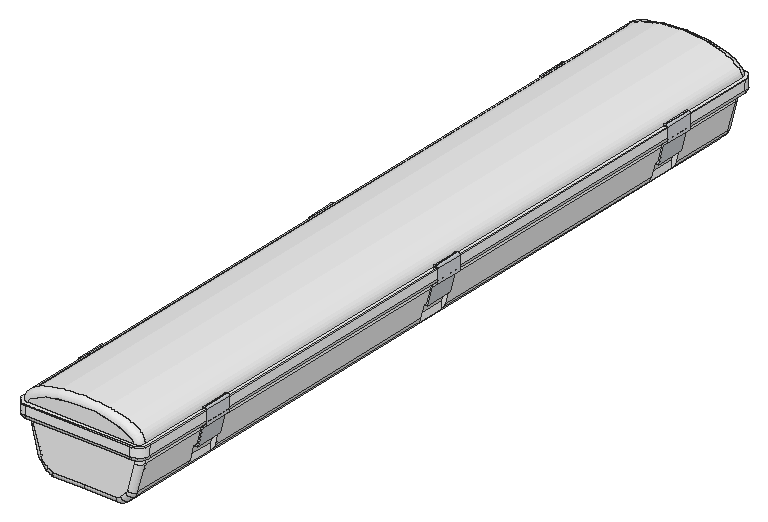
Revit family "0067941 Sylvania Lighting Fixture START Waterproof Twin 600 IP65 1400lm 840", category Lighting Fixtures, host Face, Revit 2016
Family settings
  Host = Face
  Part Type = Normal
  Round Connector Dimension = Use Diameter
  OmniClass Number = 23.80.70.11.14
  OmniClass Title = General Luminaries, Directional
  Cut with Voids When Loaded = No
  Light Source = Yes
  Shared = No
  Room Calculation Point = No
Parameters (values of type "0067941 ST WTRPRF T 600 IP65 1400LM 840")
  Width = 110 mm
  Weight = "1.12 kg"
  Wattage Comments = "n/a"
  Wattage = 12 W
  WarrantyStartDate [instance] = "n/a"
  WarrantyGuarantorParts = "n/a"
  WarrantyDurationUnit = "n/a"
  WarrantyDurationParts = "n/a"
  WarrantyDescription = "n/a"
  built-in parameter 1150110 = 1 (stored number, unit not read)
  Voltage = 0 V
  URL = "http://www.sylvania-lighting.com"
  TypeName = "START Waterproof Twin 600 IP65 1400lm 840"
  Type Image = <None>
  Type Comments = "n/a"
  built-in parameter 1114217 = 1 (stored number, unit not read)
  Tilt Angle = -90.00°
  built-in parameter 1150109 = 1 (stored number, unit not read)
  built-in parameter 1150134 = 12
  built-in parameter 1150113 = 1 (stored number, unit not read)
  SerialNumber [instance] = "n/a"
  ReflectorMaterial = none
  PowerFactor = 0
  PowerConsumption = "12 W"
  Photometric Web File = "0067941.ies"
  NominalWidth = 0 mm
  NominalLength = 665 mm
  NominalHeight = 78 mm
  Name = "START Waterproof Twin 600 IP65 1400lm 840"
  ModelReference = "START Waterproof Twin 600 IP65 1400lm 840"
  ModelNumber = "0067941"
  Model = "START Waterproof Twin 600 IP65 1400lm 840"
  Material = "polycarbonate housing, polycarbonate diffuser"
  ManufacturerName = "Feilo Sylvania"
  Manufacturer = "Feilo Sylvania"
  LuminousEfficacy = "115 lm/W"
  built-in parameter 1150105 = 109.82 (stored number, unit not read)
  Lumens = 1380 lm
  LuminaireType = ""
  built-in parameter 1150115 = 1 (stored number, unit not read)
  LightOutputRatio = "n/a"
  built-in parameter 1150137 = (empty or 0)
  built-in parameter 1150139 = (empty or 0)
  Length = 665 mm
  LampsType = Lamp  # "LED"
  LampNominalLuminous = "1400 lm"
  LampMacAdamStep = "n/a"
  LampColourTemperature = "4000 K"
  LampColourRenderingIndex = "80"
  built-in parameter 1150112 = 1 (stored number, unit not read)
  built-in parameter 1150114 = 1 (stored number, unit not read)
  Lamp = "LED"
  Keynote = "16500"
  InstallationDate [instance] = "n/a"
  InputVoltage = "n/a"
  InputNominalFrequency = "n/a"
  built-in parameter 1150132 = (empty or 0)
  built-in parameter 1150102 = (empty or 0)
  built-in parameter 1150107 = 4000 (stored number, unit not read)
  built-in parameter 1150138 = (empty or 0)
  IngressProtection = "IP65"
  ImpactProtectionIndex = "IK08"
  built-in parameter 1150106 = 1.0982 (stored number, unit not read)
  IfcExportType = "IfcLightFixtureType"
  IfcExportAs = "IfcLightFixtureType"
  ExpectedLife = 50000
  Emit from Rectangle Width = Width - 20 mm  # 90 mm
  Emit from Rectangle Length = Length - 20 mm  # 645 mm
  Emit Shape Visible in Rendering = no
  ElectricShockClassification = "Class I"
  built-in parameter 1150104 = 10.684 (stored number, unit not read)
  DurationUnit = "hours"
  DocumentationLiterature = "http://www.sylvania-lighting.com/product/en-int/products/0067941"
  DimmingControlOptions = "n/a"
  Dimming Lamp Color Temperature Shift = <None>
  DiffuserMaterial = Diffuser-Sylvania-Transparent
  Description = ""
  Default Elevation = 1219.2 mm
  CreatedOn = "11/27/2018"
  CreatedBy = "@sylvania-lighting.com"
  Cost = 0
  Color Filter = 16777215
  built-in parameter 1114216 [instance] = (empty or 0)
  ClassificationValue = "EF_70_80"
  ClassificationName = "Uniclass2015"
  BracketOffset_FEILO = 360 mm
  BodyMaterial = Body-Sylvania-Gray
  BarCode [instance] = "n/a"
  built-in parameter 1114218 = 1 (stored number, unit not read)
  built-in parameter 1150133 = 10 (stored number, unit not read)
  AssetType = "Fixed"
  AssetIdentifier [instance] = "n/a"
  Assembly Code = "D5020200"
  Apparent Load = 12 VA
  AccessoryMaterial = Diffuser-Sylvania-Glow
Reference planes
  plane 1 "Center (Front/Back)": y = 0
  plane 2: z = 0
  plane 3 "Center (Left/Right)": x = 0
  plane 4: z = 54
  plane 5: x = -27.7
  plane 6: x = -34.8
  plane 7: x = -39.6
  plane 8: x = -42.2
  plane 9: z = 3
  plane 10: z = 7.8
  plane 11: z = 12.3
  plane 12: z = 36.6
  plane 13: z = 42.8
  plane 14: x = -51.1
  plane 15: z = 46.2
  plane 16: x = -55
  plane 17: y = 332.5
  plane 18: y = -332.5
  plane 19: x = 27.7
  plane 20: x = 34.8
  plane 21: x = 39.6
  plane 22: x = 42.2
  plane 23: x = 51.1
  plane 24: x = 55
  plane 25: y = 324.9
  plane 26: y = -324.9
  plane 27: y = -321.2
  plane 28: y = 321.2
  plane 29: z = 74
  plane 30: x = -51.5
  plane 31: x = 51.5
  plane 32: z = 55.2
  plane 33: y = -329
  plane 34: y = 329
  plane 35: x = -37.5
  plane 36: x = 37.5
  plane 37: x = -48.7
  plane 38: x = 48.7
  plane 39: x = 18
  plane 40: x = -18
  plane 41: z = 50.2
  plane 42: z = 24.6
  plane 43: y = 720
  plane 44: y = 706
  plane 45: y = 734
  plane 46: y = 250
  plane 47: y = 236
  plane 48: y = 264
  plane 49: y = 0
  plane 50: y = -14
  plane 51: y = 14
  plane 52: y = -250
  plane 53: y = -264
  plane 54: y = -236
Forms (mm)
  Sweep 1, solid, material "Body-Sylvania-Gray" <- "BodyMaterial", detail levels medium+fine
    path origin (1223.4, -4572, 54) x (0, -1, 0) y (1, 0, 0)
      loop
        arc (-4249.5, -1278.4) -> (-4242.429, -1275.471) -> (-4239.5, -1268.4) r 10
        line (-4239.5, -1268.4) -> (-4239.5, -1178.4)
        arc (-4239.5, -1178.4) -> (-4242.429, -1171.329) -> (-4249.5, -1168.4) r 10
        line (-4249.5, -1168.4) -> (-4894.5, -1168.4)
        arc (-4894.5, -1168.4) -> (-4901.571, -1171.329) -> (-4904.5, -1178.4) r 10
        line (-4904.5, -1178.4) -> (-4904.5, -1268.4)
        arc (-4904.5, -1268.4) -> (-4901.571, -1275.471) -> (-4894.5, -1278.4) r 10
        line (-4894.5, -1278.4) -> (-4249.5, -1278.4)
    profile origin (-55, 0, 54) x (-1, 0, 0) y (0, 0, 1)
      loop
        line (0, 0) -> (-1, 0) -> (-1, -7.726)
        arc (-1, -7.726) -> (-1.994, -9.498) -> (-3.9, -10.2) r 2.937
        line (-3.9, -10.2) -> (-8.571, -10.2) -> (-8.571, -11.2) -> (-3.9, -11.2)
        arc (-3.9, -11.2) -> (-1.313, -10.231) -> (0, -7.8) r 3.937
        line (0, -7.8) -> (0, 0)
  Sweep 2, solid, material "Body-Sylvania-Gray" <- "BodyMaterial", detail levels medium+fine
    path origin (0, 0, 0) x (1, 0, 0) y (0, 0, 1)
      loop
        line (48.7, 42.8) -> (48.7, 36.6) -> (42.203, 12.31)
        arc (42.203, 12.31) -> (41.199, 9.884) -> (39.6, 7.8) r 10.052
        line (39.6, 7.8) -> (34.8, 3)
        arc (34.8, 3) -> (31.554, 0.781) -> (27.7, 0) r 9.902
        line (27.7, 0) -> (0, 0) -> (-27.7, 0)
        arc (-27.7, 0) -> (-31.554, 0.781) -> (-34.8, 3) r 9.902
        line (-34.8, 3) -> (-39.6, 7.8)
        arc (-39.6, 7.8) -> (-41.199, 9.884) -> (-42.203, 12.31) r 10.052
        line (-42.203, 12.31) -> (-48.7, 36.6) -> (-48.7, 42.8)
    profile origin (0, 0, 0) x (0, 0, -1) y (0, -1, 0)
      loop
        arc (0, 319.9) -> (-1.464, 323.436) -> (-5, 324.9) r 5
        line (-5, 324.9) -> (-7.8, 324.9) -> (-7.8, -324.9) -> (-5, -324.9)
        arc (-5, -324.9) -> (-1.464, -323.436) -> (0, -319.9) r 5
        line (0, -319.9) -> (0, 319.9)
  Extrusion 3, solid, material "Body-Sylvania-Gray" <- "BodyMaterial", detail levels medium+fine
    sketch origin (1524, 324.9, 1219.2) x (1, 0, 0) y (0, 0, 1)
      loop
        arc (-1558.668, -1204.874) -> (-1558.443, -1205.418) -> (-1558.085, -1205.885) r 2.252
        line (-1558.085, -1205.885) -> (-1553.231, -1210.738)
        arc (-1553.231, -1210.738) -> (-1552.534, -1211.227) -> (-1551.7, -1211.4) r 2.102
        line (-1551.7, -1211.4) -> (-1496.3, -1211.4)
        arc (-1496.3, -1211.4) -> (-1495.466, -1211.227) -> (-1494.769, -1210.738) r 2.102
        line (-1494.769, -1210.738) -> (-1489.915, -1205.885)
        arc (-1489.915, -1205.885) -> (-1489.557, -1205.418) -> (-1489.332, -1204.874) r 2.252
        line (-1489.332, -1204.874) -> (-1483.1, -1181.575) -> (-1483.1, -1176.4) -> (-1564.9, -1176.4) -> (-1564.9, -1181.575) -> (-1558.668, -1204.874)
    from 0 to 649.8
  Sweep 4, solid, material "Diffuser-Sylvania-Transparent" <- "DiffuserMaterial", detail levels medium+fine
    path origin (0, 0, 0) x (1, 0, 0) y (0, 0, 1)
      loop
        spline (-51.5, 55.2) -> (-49.745, 60.066) -> (-44.6, 64.6) -> (-36.416, 68.494) -> (-25.75, 71.481) -> (-13.329, 73.359) -> (0, 74) -> (13.329, 73.359) -> (25.75, 71.481) -> (36.416, 68.494) -> (44.6, 64.6) -> (49.745, 60.066) -> (51.5, 55.2)
    profile origin (51.5, 0, 55.2) x (0, -1, 0) y (1, 0, 0)
      loop
        arc (329, -5.5) -> (327.389, -1.611) -> (323.5, 0) r 5.5
        line (323.5, 0) -> (-323.5, 0)
        arc (-323.5, 0) -> (-327.389, -1.611) -> (-329, -5.5) r 5.5
        line (-329, -5.5) -> (-329, -6.3) -> (-328, -6.3) -> (-328, -5.5)
        arc (-328, -5.5) -> (-326.682, -2.318) -> (-323.5, -1) r 4.5
        line (-323.5, -1) -> (323.5, -1)
        arc (323.5, -1) -> (326.682, -2.318) -> (328, -5.5) r 4.5
        line (328, -5.5) -> (328, -6.347) -> (329, -6.347) -> (329, -5.5)
  Extrusion 5, solid, material "Diffuser-Sylvania-Transparent" <- "DiffuserMaterial", detail levels medium+fine
    sketch origin (1524, -329, 1219.2) x (1, 0, 0) y (0, 0, 1)
      loop
        line (-1569.653, -1164) -> (-1478.347, -1164)
        spline (-1478.347, -1164) -> (-1478.969, -1162.594) -> (-1482.527, -1159.545) -> (-1489.588, -1156.201) -> (-1499.458, -1153.445) -> (-1511.242, -1151.663) -> (-1524, -1151.049) -> (-1536.758, -1151.663) -> (-1548.542, -1153.445) -> (-1558.412, -1156.201) -> (-1565.473, -1159.545) -> (-1569.031, -1162.594) -> (-1569.653, -1164)
    from 0 to -1
  Extrusion 6, solid, material "Diffuser-Sylvania-Transparent" <- "DiffuserMaterial", detail levels medium+fine
    sketch origin (1524, 329, 1219.2) x (1, 0, 0) y (0, 0, 1)
      loop
        spline (-1478.3, -1164) -> (-1478.931, -1162.565) -> (-1482.502, -1159.505) -> (-1489.572, -1156.155) -> (-1499.446, -1153.394) -> (-1511.236, -1151.614) -> (-1524, -1151.007) -> (-1536.764, -1151.614) -> (-1548.554, -1153.394) -> (-1558.428, -1156.155) -> (-1565.498, -1159.505) -> (-1569.069, -1162.565) -> (-1569.7, -1164)
        line (-1569.7, -1164) -> (-1478.3, -1164)
    from 0 to 1
  Extrusion 7, solid, material "Diffuser-Sylvania-Transparent" <- "DiffuserMaterial", detail levels medium+fine
    sketch origin (1223.4, -4572, 55.2) x (0, -1, 0) y (-1, 0, 0)
      loop
        arc (-4900, 1177.4) -> (-4898.682, 1174.218) -> (-4895.5, 1172.9) r 4.5
        line (-4895.5, 1172.9) -> (-4248.5, 1172.9)
        arc (-4248.5, 1172.9) -> (-4245.318, 1174.218) -> (-4244, 1177.4) r 4.5
        line (-4244, 1177.4) -> (-4244, 1269.4)
        arc (-4244, 1269.4) -> (-4245.318, 1272.582) -> (-4248.5, 1273.9) r 4.5
        line (-4248.5, 1273.9) -> (-4895.5, 1273.9)
        arc (-4895.5, 1273.9) -> (-4898.682, 1272.582) -> (-4900, 1269.4) r 4.5
        line (-4900, 1269.4) -> (-4900, 1177.4)
      loop
        line (-4904.5, 1268.4) -> (-4904.5, 1178.4)
        arc (-4904.5, 1178.4) -> (-4901.571, 1171.329) -> (-4894.5, 1168.4) r 10
        line (-4894.5, 1168.4) -> (-4249.5, 1168.4)
        arc (-4249.5, 1168.4) -> (-4242.429, 1171.329) -> (-4239.5, 1178.4) r 10
        line (-4239.5, 1178.4) -> (-4239.5, 1268.4)
        arc (-4239.5, 1268.4) -> (-4242.429, 1275.471) -> (-4249.5, 1278.4) r 10
        line (-4249.5, 1278.4) -> (-4894.5, 1278.4)
        arc (-4894.5, 1278.4) -> (-4901.571, 1275.471) -> (-4904.5, 1268.4) r 10
    from 0 to 1.2
  Extrusion 8, solid, material "Diffuser-Sylvania-Glow" <- "AccessoryMaterial", detail levels fine
    sketch origin (0, 0, 0) x (1, 0, 0) y (0, 0, 1)
      loop
        circle (-18, 50.2) r 8
      loop
        circle (18, 50.2) r 8
    from -321.2 to 321.2
  Extrusion 9, solid, material "Body-Sylvania-Gray" <- "BodyMaterial", detail levels coarse
    sketch origin (0, 0, 0) x (1, 0, 0) y (0, 0, 1)
      loop
        line (55, 42.8) -> (55, 55.2) -> (-55, 55.2) -> (-55, 42.791) -> (-42.2, 0) -> (42.2, 0) -> (55, 42.8)
    from -332.5 to 332.5
  Extrusion 10, solid, material "Diffuser-Sylvania-Transparent" <- "DiffuserMaterial", detail levels coarse
    sketch origin (0, 0, 0) x (1, 0, 0) y (0, 0, 1)
      loop
        arc (51.5, 55.2) -> (0, 74) -> (-51.5, 55.2) r 79.939
        line (-51.5, 55.2) -> (51.5, 55.2)
    from 324.9 to -324.9
  Extrusion 11, void, not visible
    sketch origin (0, 720, 2343.807) x (0, 0, -1) y (-1, 0, 0)
      loop
        line (2340.807, -37.5) -> (2331.507, -37.5) -> (2319.207, -42.2) -> (2319.207, -48.7) -> (2340.807, -48.7) -> (2340.807, -37.5)
      loop
        line (2340.807, 37.5) -> (2340.807, 48.7) -> (2319.207, 48.7) -> (2319.207, 42.2) -> (2331.507, 37.5) -> (2340.807, 37.5)
    from -14 to 14
  Extrusion 12, void
    sketch origin (0, 250, 2343.807) x (0, 0, -1) y (-1, 0, 0)
      loop
        line (2340.807, -37.5) -> (2331.507, -37.5) -> (2319.207, -42.2) -> (2319.207, -48.7) -> (2340.807, -48.7) -> (2340.807, -37.5)
      loop
        line (2340.807, 37.5) -> (2340.807, 48.7) -> (2319.207, 48.7) -> (2319.207, 42.2) -> (2331.507, 37.5) -> (2340.807, 37.5)
    from -14 to 14
  Extrusion 13, void
    sketch origin (0, 0, 2343.807) x (0, 0, -1) y (-1, 0, 0)
      loop
        line (2340.807, -37.5) -> (2331.507, -37.5) -> (2319.207, -42.2) -> (2319.207, -48.7) -> (2340.807, -48.7) -> (2340.807, -37.5)
      loop
        line (2340.807, 37.5) -> (2340.807, 48.7) -> (2319.207, 48.7) -> (2319.207, 42.2) -> (2331.507, 37.5) -> (2340.807, 37.5)
    from -14 to 14
  Extrusion 14, void
    sketch origin (0, -250, 2343.807) x (0, 0, -1) y (-1, 0, 0)
      loop
        line (2340.807, -37.5) -> (2331.507, -37.5) -> (2319.207, -42.2) -> (2319.207, -48.7) -> (2340.807, -48.7) -> (2340.807, -37.5)
      loop
        line (2340.807, 37.5) -> (2340.807, 48.7) -> (2319.207, 48.7) -> (2319.207, 42.2) -> (2331.507, 37.5) -> (2340.807, 37.5)
    from -14 to 14
Cuts and joins
  Extrusion 12, Extrusion 13, Extrusion 14 cuts Sweep 2
  Extrusion 12, Extrusion 13, Extrusion 14 cuts Extrusion 3
  joined: Sweep 2, Extrusion 3
  joined: Sweep 4, Extrusion 5, Extrusion 6
Dimensions and locks
  locked: plane 4 to plane 2 at 54
  plane 5 to plane 6 to plane 7 to plane 8 to plane 14 to plane 16 = 7.1 mm locked, 4.8 mm locked, 2.6 mm locked, 8.9 mm, 3.9 mm
  plane 4 to plane 15 to plane 13 to plane 12 to plane 11 to plane 10 to plane 9 = 7.8 mm locked, 3.4 mm, 6.2 mm locked, 24.3 mm locked, 4.5 mm locked, 4.8 mm locked
  equal spacing: plane 18, plane 1 "Center (Front/Back)", plane 17
  "Length": plane 18 to plane 17
  plane 19 to plane 20 to plane 21 to plane 22 to plane 23 to plane 24 = 7.1 mm locked, 4.8 mm locked, 2.6 mm locked, 8.9 mm, 3.9 mm
  equal spacing: plane 24, plane 3 "Center (Left/Right)", plane 16
  "Width": plane 24 to plane 16
  equal spacing: plane 27, plane 1 "Center (Front/Back)", plane 28
  locked: plane 26 to plane 27 at 3.7
  locked: Sweep 1 sketch curve to profile plane at 1
  locked: Sweep 1 sketch curve to plane 13 at 1
  locked: Sweep 1 sketch curve to plane 13 at 3.937  (x2)
  locked: Sweep 1 sketch curve to profile plane at 3.9  (x2)
  locked: plane 29 to plane 4 at 20
  equal spacing: plane 31, plane 3 "Center (Left/Right)", plane 30
  locked: plane 30 to plane 16 at 3.5
  locked: plane 32 to plane 4 at 1.2
  equal spacing: plane 33, plane 1 "Center (Front/Back)", plane 34
  equal spacing: plane 36, plane 3 "Center (Left/Right)", plane 35
  locked: plane 3 "Center (Left/Right)" to plane 35 at 37.5
  locked: plane 34 to plane 17 at 3.5
  equal spacing: plane 38, plane 3 "Center (Left/Right)", plane 37
  locked: plane 37 to plane 16 at 6.3
  equal spacing: plane 25, plane 1 "Center (Front/Back)", plane 26
  locked: plane 17 to plane 25 at 7.6
  locked: Sweep 2 sketch curve to plane 2 at 5  (x2)
  locked: Sweep 2 sketch curve to plane 26 at 5
  locked: plane 25 to Sweep 2 sketch curve at 5
  locked: Sweep 4 sketch curve to plane 31 at 5.5  (x2)
  locked: Sweep 4 sketch curve to plane 34 at 5.5
  plane 33 to Sweep 4 sketch curve = 5.5 mm
  locked: plane 34 to Sweep 4 sketch curve at 1
  locked: Sweep 4 sketch curve to plane 31 at 1
  locked: Sweep 4 sketch curve to Sweep 4 sketch curve at 1
  locked: Sweep 4 sketch curve to plane 31 at 6.347
  locked: Sweep 4 sketch curve to plane 31 at 6.3
  equal spacing: plane 39, plane 3 "Center (Left/Right)", plane 40
  locked: plane 3 "Center (Left/Right)" to plane 40 at 18
  locked: plane 42 to plane 2 at 24.6
  plane 45 to plane 43 to plane 44 = 14 mm locked, 14 mm locked
  plane 48 to plane 46 to plane 47 = 14 mm locked, 14 mm locked
  plane 51 to plane 49 to plane 50 = 14 mm locked, 14 mm locked
  plane 54 to plane 52 to plane 53 = 14 mm locked, 14 mm locked
  equal spacing: plane 46, plane 1 "Center (Front/Back)", plane 52
  locked: plane 46 to plane 1 "Center (Front/Back)" at 250
  aligned and locked: plane 2 to host face
  aligned and locked: level to host face
  aligned and locked: plane 16 to Sweep 1 sketch curve
  aligned and locked: Sweep 1 sketch curve to plane 24
  aligned and locked: plane 18 to Sweep 1 sketch curve
  aligned and locked: Sweep 1 sketch curve to plane 13
  aligned and locked: profile plane to Sweep 1 sketch curve
  aligned and locked: plane 3 "Center (Left/Right)" to Sweep 2 sketch curve
  aligned and locked: plane 9 to Sweep 2 sketch curve
  aligned and locked: plane 10 to Sweep 2 sketch curve
  aligned and locked: plane 37 to Sweep 2 sketch curve
  aligned and locked: plane 12 to Sweep 2 sketch curve
  aligned and locked: Sweep 2 sketch curve to level
  aligned and locked: plane 21 to Sweep 2 sketch curve
  aligned and locked: plane 38 to Sweep 2 sketch curve
  aligned and locked: profile plane to Sweep 2 sketch curve
  aligned and locked: plane 25 to Sweep 2 sketch curve
  aligned and locked: Sweep 2 sketch curve to plane 10
  aligned and locked: Extrusion 3 sketch curve to Sweep 2  (x7)
  aligned and locked: Sweep 2 to Extrusion 3 sketch curve
  aligned and locked: Extrusion 3 to plane 25
  aligned and locked: plane 26 to Extrusion 3
  aligned and locked: plane 32 to Sweep 4 sketch curve
  aligned and locked: plane 33 to Sweep 4 sketch curve
  aligned and locked: Sweep 4 to Extrusion 5
  aligned and locked: plane 33 to Extrusion 5
  aligned and locked: Extrusion 5 sketch curve to Sweep 4
  aligned and locked: cut or joined group of Sweep 4, Extrusion 5, Extrusion 6 to Extrusion 6 sketch curve
  aligned and locked: Extrusion 7 sketch curve to cut or joined group of Sweep 4, Extrusion 5, Extrusion 6  (x2)
  aligned and locked: cut or joined group of Sweep 4, Extrusion 5, Extrusion 6 to Extrusion 7 sketch curve  (x2)
  aligned and locked: plane 41 to Extrusion 8 sketch curve  (x2)
  aligned and locked: plane 39 to Extrusion 8 sketch curve
  aligned and locked: plane 27 to Extrusion 8
  aligned and locked: Extrusion 8 to plane 28
  aligned and locked: Extrusion 7 sketch curve to Sweep 1  (x4)
  aligned and locked: plane 4 to Extrusion 7
  aligned and locked: Extrusion 7 to plane 32
  aligned and locked: Extrusion 9 sketch curve to plane 24
  aligned and locked: Extrusion 9 sketch curve to Extrusion 7
  aligned and locked: plane 8 to Extrusion 9 sketch curve
  aligned and locked: plane 22 to Extrusion 9 sketch curve
  aligned and locked: level to Extrusion 9 sketch curve
  aligned and locked: Extrusion 9 to plane 17
  aligned and locked: plane 18 to Extrusion 9
  aligned and locked: cut or joined group of Sweep 4, Extrusion 5, Extrusion 6 to Extrusion 10 sketch curve
  aligned and locked: Extrusion 10 sketch curve to cut or joined group of Sweep 4, Extrusion 5, Extrusion 6  (x2)
  aligned and locked: plane 31 to Extrusion 10 sketch curve
  aligned and locked: plane 30 to Extrusion 10 sketch curve
  aligned and locked: plane 26 to Extrusion 10
  aligned and locked: Extrusion 10 to plane 25
  aligned and locked: imposter light to plane 29
  aligned and locked: plane 3 "Center (Left/Right)" to imposter light
  aligned and locked: plane 1 "Center (Front/Back)" to imposter light
  aligned and locked: plane 47 to Extrusion 12
  aligned and locked: Extrusion 12 to plane 48
  aligned and locked: plane 50 to Extrusion 13
  aligned and locked: Extrusion 13 to plane 51
  aligned and locked: plane 53 to Extrusion 14
  aligned and locked: Extrusion 14 to plane 54
  aligned and locked: nested 1 to plane 46
  aligned and locked: plane 46 to nested 6
  aligned and locked: nested 2 to plane 49
  aligned and locked: plane 49 to nested 5
  aligned and locked: nested 3 to plane 52
  aligned and locked: plane 52 to nested 4
  aligned and locked: plane 49 to plane 1 "Center (Front/Back)"
Automatic sketch dimensions
  host sketch curve to host sketch curve = 2438.4 mm  (x2)
  plane 17 to Sweep 1 sketch curve = 0 mm
  Sweep 1 sketch curve to plane 28 = 1.3 mm
  Sweep 1 sketch curve to plane 7 = 5.4 mm
  plane 27 to Sweep 1 sketch curve = 1.3 mm  (x2)
  Sweep 1 sketch curve to Sweep 1 sketch curve = 4.671 mm
  Sweep 1 sketch curve to plane 4 = 0 mm
  Sweep 2 sketch curve to plane 7 = 0 mm
  Sweep 2 sketch curve to plane 6 = 0 mm
  Sweep 2 sketch curve to plane 5 = 0 mm
  plane 19 to Sweep 2 sketch curve = 0 mm
  Sweep 2 sketch curve to plane 9 = 0 mm
  plane 20 to Sweep 2 sketch curve = 0 mm
  Sweep 2 sketch curve to plane 12 = 0 mm
  Sweep 2 sketch curve to plane 10 = 0 mm
  Sweep 2 sketch curve to plane 13 = 0 mm  (x2)
  Sweep 2 sketch curve to plane 8 = 0.003 mm
  plane 6 to Sweep 2 sketch curve = 2.308 mm
  plane 20 to Sweep 2 sketch curve = 2.308 mm
  Sweep 2 sketch curve to plane 22 = 0.003 mm
  Sweep 2 sketch curve to plane 11 = 0.01 mm  (x2)
  Extrusion 3 sketch curve to plane 5 = 0 mm
  plane 19 to Extrusion 3 sketch curve = 0 mm
  plane 6 to Extrusion 3 sketch curve = 0.132 mm
  plane 6 to Extrusion 3 sketch curve = 0.715 mm
  Extrusion 3 sketch curve to Extrusion 3 sketch curve = 1.592 mm
  Extrusion 3 sketch curve to plane 10 = 0.662 mm  (x2)
  plane 20 to Extrusion 3 sketch curve = 2.308 mm
  plane 20 to Extrusion 3 sketch curve = 0.715 mm
  plane 20 to Extrusion 3 sketch curve = 0.132 mm
  Sweep 4 sketch curve to plane 30 = 0 mm
  Sweep 4 sketch curve to plane 3 "Center (Left/Right)" = 0 mm
  Sweep 4 sketch curve to Sweep 4 sketch curve = 0 mm  (x2)
  plane 37 to Extrusion 5 sketch curve = 3.047 mm
  Extrusion 5 sketch curve to plane 38 = 3.047 mm
  plane 37 to Extrusion 6 sketch curve = 3 mm
  Extrusion 6 sketch curve to plane 38 = 3 mm
  plane 25 to Extrusion 7 sketch curve = 1.4 mm  (x2)
  Extrusion 7 sketch curve to plane 26 = 1.4 mm  (x2)
  Extrusion 8 sketch curve to plane 40 = 0 mm
  Extrusion 9 sketch curve to plane 13 = 0 mm
  plane 13 to Extrusion 9 sketch curve = 0.009 mm
  Extrusion 10 sketch curve to level = 5.939 mm
  Extrusion 9 sketch curve to plane 16 = 0 mm
  Extrusion 11 sketch curve to Extrusion 11 sketch curve = 0 mm
  Extrusion 11 sketch curve to Extrusion 11 sketch curve = 12.3 mm  (x2)
  Extrusion 11 sketch curve to Extrusion 11 sketch curve = 9.3 mm  (x2)
  Extrusion 11 sketch curve to Extrusion 11 sketch curve = 6.5 mm
  Extrusion 11 sketch curve to Extrusion 11 sketch curve = 4.7 mm  (x2)
  Extrusion 11 sketch curve to Extrusion 11 sketch curve = 75 mm
  Extrusion 11 sketch curve to Extrusion 11 sketch curve = 11.2 mm
  Extrusion 12 sketch curve to Extrusion 12 sketch curve = 0 mm
  Extrusion 12 sketch curve to Extrusion 12 sketch curve = 12.3 mm  (x2)
  Extrusion 12 sketch curve to Extrusion 12 sketch curve = 9.3 mm  (x2)
  Extrusion 12 sketch curve to Extrusion 12 sketch curve = 6.5 mm
  Extrusion 12 sketch curve to Extrusion 12 sketch curve = 4.7 mm  (x2)
  Extrusion 12 sketch curve to Extrusion 12 sketch curve = 75 mm
  Extrusion 12 sketch curve to Extrusion 12 sketch curve = 11.2 mm
  Extrusion 13 sketch curve to Extrusion 13 sketch curve = 0 mm
  Extrusion 13 sketch curve to Extrusion 13 sketch curve = 12.3 mm  (x2)
  Extrusion 13 sketch curve to Extrusion 13 sketch curve = 9.3 mm  (x2)
  Extrusion 13 sketch curve to Extrusion 13 sketch curve = 6.5 mm
  Extrusion 13 sketch curve to Extrusion 13 sketch curve = 4.7 mm  (x2)
  Extrusion 13 sketch curve to Extrusion 13 sketch curve = 75 mm
  Extrusion 13 sketch curve to Extrusion 13 sketch curve = 11.2 mm
  Extrusion 14 sketch curve to Extrusion 14 sketch curve = 0 mm
  Extrusion 14 sketch curve to Extrusion 14 sketch curve = 12.3 mm  (x2)
  Extrusion 14 sketch curve to Extrusion 14 sketch curve = 9.3 mm  (x2)
  Extrusion 14 sketch curve to Extrusion 14 sketch curve = 6.5 mm
  Extrusion 14 sketch curve to Extrusion 14 sketch curve = 4.7 mm  (x2)
  Extrusion 14 sketch curve to Extrusion 14 sketch curve = 75 mm
  Extrusion 14 sketch curve to Extrusion 14 sketch curve = 11.2 mm
  radius of Extrusion 8 sketch curve = 8 mm  (x2)
Nested families
  nested 1: "Clip" at (-42.2, 250, 24.6) x (-1, 0, 0) z (0, 0, 1), type "Clip", detail levels fine
  nested 2: "Clip" at (-42.2, 0, 24.6) x (-1, 0, 0) z (0, 0, 1), type "Clip", detail levels fine
  nested 3: "Clip" at (-42.2, -250, 24.6) x (-1, 0, 0) z (0, 0, 1), type "Clip", detail levels fine
  nested 4: "Clip" at (42.2, -250, 24.6), type "Clip", detail levels fine
  nested 5: "Clip" at (42.2, 0, 24.6), type "Clip", detail levels fine
  nested 6: "Clip" at (42.2, 250, 24.6), type "Clip", detail levels fine
Connectors
  electrical at (0, 0, 0), driven by "Apparent Load"
    settings: index 1, voltage 230 V, apparent load 12 VA, apparent load phase1 0 VA, apparent load phase2 0 VA, apparent load phase3 0 VA, power factor 0, load classification "Lighting", number of poles 1, system type 30, power factor state 1, is connector primary yes, connector utility no, sub classification motor no, connector description ""
Definition of nested family "Clip"
  Parameters (values of type "Clip")
    URL = "http://www.feilosylvania.com"
    Type Comments = "n/a"
    Model = "n/a"
    Manufacturer = "Feilo Sylvania"
    Keynote = "n/a"
    Description = "n/a"
    Default Elevation = 1219.2 mm
    Cost = 0
    BodyMaterial = none
    Assembly Code = "n/a"
  Reference planes
    plane 1 "Center (Front/Back)": y = 0
    plane 2: z = 0
    plane 3 "Center (Left/Right)": x = 0
    plane 4: x = 3.3
    plane 5: x = 6.5
    plane 6: x = 8.9
    plane 7: x = 12.8
    plane 8: z = 12
    plane 9: z = 18.2
    plane 10: z = 21.6
    plane 11: z = 30.6
    plane 12: x = 9.3
    plane 13: z = 19.2
    plane 14: z = 16.2
    plane 15: x = 10.1
    plane 16: y = 12
    plane 17: y = -12
  Forms (mm)
    Extrusion 1, solid
      sketch origin (-0.8, 0, 0) x (1, 0, 0) y (0, 1, 0)
        loop
          line (-1219.2, 1219.2) -> (-1219.2, -1219.2) -> (1219.2, -1219.2) -> (1219.2, 1219.2) -> (-1219.2, 1219.2)
      from 0 to -304.8
    Extrusion 2, solid
      sketch origin (0, 0, 0) x (1, 0, 0) y (0, 0, 1)
        loop
          line (8.9, 16.2) -> (4.58, 0) -> (0, 0) -> (0, -0.8) -> (5.195, -0.8) -> (9.603, 15.731) -> (13.6, 18.806) -> (13.6, 30.6)
          arc (13.6, 30.6) -> (11.45, 32.75) -> (9.3, 30.6) r 2.15
          line (9.3, 30.6) -> (10.1, 30.6)
          arc (10.1, 30.6) -> (11.45, 31.95) -> (12.8, 30.6) r 1.35
          line (12.8, 30.6) -> (12.8, 19.2) -> (8.9, 16.2)
      from -12 to 12
  Lines and regions (mm)
    reference lines
      curve 1: line (3.3, 0, 0) -> (6.5, 0, 12)
      curve 2: arc (8.9, 0, 18.2) -> (11.488, 0, 19.169) -> (12.8, 0, 21.6) r 3.934
  Dimensions and locks
    plane 7 to plane 6 to plane 5 to plane 4 to plane 3 "Center (Left/Right)" = 3.9 mm locked, 2.4 mm locked, 3.2 mm locked, 3.3 mm locked
    plane 11 to plane 10 to plane 9 to plane 8 to plane 2 = 9 mm locked, 3.4 mm locked, 6.2 mm locked, 12 mm locked
    locked: plane 7 to plane 12 at 3.5
    locked: plane 13 to plane 9 at 1
    locked: plane 9 to plane 14 at 2
    locked: plane 15 to plane 12 at 0.8
    locked: plane 2 to Extrusion 2 sketch curve at 0.8
    locked: Extrusion 2 sketch curve to Extrusion 2 sketch curve at 0.8  (x3)
    locked: plane 7 to Extrusion 2 sketch curve at 1.35
    equal spacing: plane 17, plane 1 "Center (Front/Back)", plane 16
    locked: plane 1 "Center (Front/Back)" to plane 16 at 12
    aligned and locked: plane 2 to Extrusion 1
    aligned and locked: level to Extrusion 1
    aligned and locked: plane 4 to curve 1
    aligned and locked: plane 5 to curve 1
    aligned and locked: plane 6 to curve 2
    aligned and locked: plane 10 to curve 2
    aligned and locked: plane 14 to Extrusion 2 sketch curve
    aligned and locked: plane 13 to Extrusion 2 sketch curve
    aligned and locked: plane 7 to Extrusion 2 sketch curve
    aligned and locked: plane 3 "Center (Left/Right)" to Extrusion 2 sketch curve
    aligned and locked: Extrusion 2 sketch curve to level
    aligned and locked: Extrusion 2 sketch curve to plane 11
    aligned and locked: plane 11 to Extrusion 2 sketch curve
    aligned and locked: Extrusion 2 to plane 16
    aligned and locked: plane 17 to Extrusion 2
  Automatic sketch dimensions
    Extrusion 1 sketch curve to Extrusion 1 sketch curve = 2438.4 mm  (x2)
    curve 2 to plane 7 = 0 mm
    curve 1 to level = 0 mm
    curve 1 to plane 8 = 0 mm
    curve 2 to plane 9 = 0 mm
    plane 6 to curve 2 = 0.002 mm
    Extrusion 2 sketch curve to Extrusion 2 sketch curve = 0 mm
    Extrusion 2 sketch curve to plane 6 = 0 mm
    plane 4 to Extrusion 2 sketch curve = 1.28 mm
